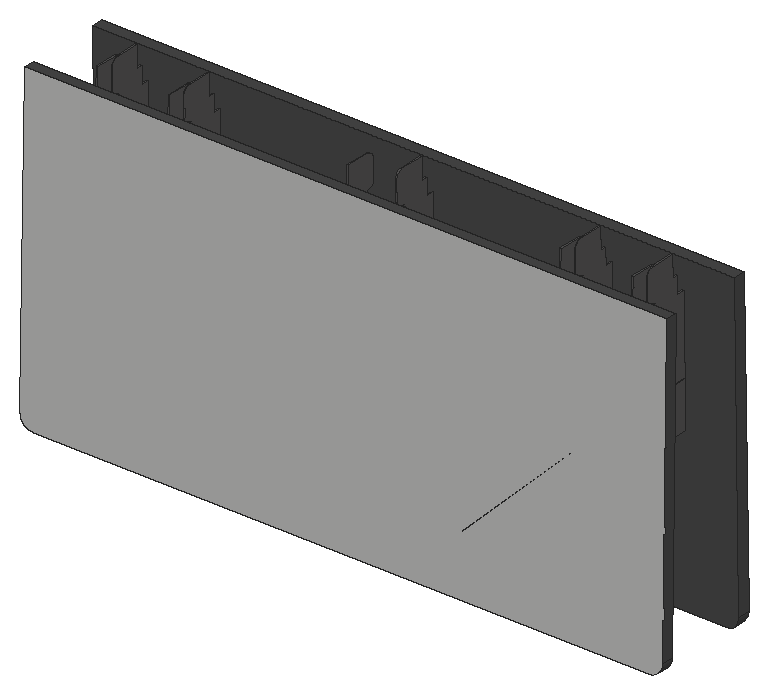
Revit family "22M 48 Square", category Furniture, Revit 2016
Family settings
  OmniClass Number = 23.40.20.00
  OmniClass Title = General Furniture and Specialties
  Work Plane-Based = No
  Always vertical = Yes
  Cut with Voids When Loaded = No
  Shared = No
  Room Calculation Point = No
Parameters
  Top [instance] = Palmer Hamilton Lt Gry
  Open [instance] = no
  Model = "22M132948RD"
  Height [instance] = 2' - 5"
  Frame [instance] = Palmer Hamilton Black
  Edge [instance] = Palmer Hamilton - Edge
  Closed [instance] = yes
Reference planes (in)
  plane 1 "Center Front/Back": y = 0
  plane 2: z = 0
  plane 3 "Center Left/Right": x = 0
  plane 4: z = 29
  plane 5: z = 28.1875
Forms (in)
  Extrusion 1, solid, material "Palmer Hamilton Black" <- "Frame", visible <- "Open"
    sketch origin (0, 0, 0) x (1, 0, 0) y (0, 1, 0)
      loop
        line (-20.0625, -5) -> (-20.0625, -8.28854) -> (-8.35104, -20) -> (8.35104, -20) -> (20.0625, -8.28854) -> (20.0625, -5) -> (19.5625, -5) -> (19.5625, -8.08144) -> (8.14394, -19.5) -> (-8.14394, -19.5) -> (-19.5625, -8.08144) -> (-19.5625, -5) -> (-20.0625, -5)
    from 26.04911 to 28.1875
  Extrusion 2, solid, material "Palmer Hamilton Black" <- "Frame", visible <- "Closed"
    sketch origin (0, 23.46852, 37.6661) x (1, 0, 0) y (0, 0.017452, 0.999848)
      loop
        line (-20.0625, -5.00072) -> (-20.0625, -8.28854) -> (-8.35104, -20) -> (8.35104, -20) -> (20.0625, -8.28854) -> (20.0625, -5) -> (19.5625, -5) -> (19.5625, -8.08144) -> (8.14394, -19.5) -> (-8.14394, -19.5) -> (-19.5625, -8.08144) -> (-19.5625, -5.00072) -> (-20.0625, -5.00072)
    from 24.04911 to 26.1875
  Extrusion 3, solid, material "Palmer Hamilton Black" <- "Frame", visible <- "Open"
    sketch origin (0, 0, 0) x (-1, 0, 0) y (0, -1, 0)
      loop
        line (-20.0625, -5) -> (-20.0625, -8.28854) -> (-8.35104, -20) -> (8.35104, -20) -> (20.0625, -8.28854) -> (20.0625, -5) -> (19.5625, -5) -> (19.5625, -8.08144) -> (8.14394, -19.5) -> (-8.14394, -19.5) -> (-19.5625, -8.08144) -> (-19.5625, -5) -> (-20.0625, -5)
    from 26.04911 to 28.1875
  Extrusion 4, solid, material "Palmer Hamilton Black" <- "Frame", visible <- "Closed"
    sketch origin (0, -23.46852, 37.6661) x (-1, 0, 0) y (0, -0.017452, 0.999848)
      loop
        line (-20.0625, -5.00072) -> (-20.0625, -8.28854) -> (-8.35104, -20) -> (8.35104, -20) -> (20.0625, -8.28854) -> (20.0625, -5) -> (19.5625, -5) -> (19.5625, -8.08144) -> (8.14394, -19.5) -> (-8.14394, -19.5) -> (-19.5625, -8.08144) -> (-19.5625, -5.00072) -> (-20.0625, -5.00072)
    from 24.04911 to 26.1875
  Extrusion 5, solid, visible <- "Open"
    sketch origin (0, 0, 0) x (1, 0, 0) y (0, 1, 0)
      loop
        arc (-24, -23) -> (-23.70711, -23.70711) -> (-23, -24) r 1
        line (-23, -24) -> (23, -24)
        arc (23, -24) -> (23.70711, -23.70711) -> (24, -23) r 1
        line (24, -23) -> (24, -0.0625) -> (-24, -0.0625) -> (-24, -23)
    from 28.1875 to 29
  Extrusion 6, solid, visible <- "Closed"
    sketch origin (0, 25.39404, 37.63143) x (1, 0, 0) y (0, 0.017452, 0.999848)
      loop
        arc (-24, -23) -> (-23.70711, -23.70711) -> (-23, -24) r 1
        line (-23, -24) -> (23, -24)
        arc (23, -24) -> (23.70711, -23.70711) -> (24, -23) r 1
        line (24, -23) -> (24, -0.0625) -> (-24, -0.0625) -> (-24, -23)
    from 28.14823 to 29
  Extrusion 7, solid, visible <- "Open"
    sketch origin (0, 0, 0) x (-1, 0, 0) y (0, -1, 0)
      loop
        arc (-24, -23) -> (-23.70711, -23.70711) -> (-23, -24) r 1
        line (-23, -24) -> (23, -24)
        arc (23, -24) -> (23.70711, -23.70711) -> (24, -23) r 1
        line (24, -23) -> (24, -0.0625) -> (-24, -0.0625) -> (-24, -23)
    from 28.1875 to 29
  Extrusion 8, solid, visible <- "Closed"
    sketch origin (0, -25.39404, 37.63143) x (-1, 0, 0) y (0, -0.017452, 0.999848)
      loop
        arc (-24, -23) -> (-23.70711, -23.70711) -> (-23, -24) r 1
        line (-23, -24) -> (23, -24)
        arc (23, -24) -> (23.70711, -23.70711) -> (24, -23) r 1
        line (24, -23) -> (24, -0.0625) -> (-24, -0.0625) -> (-24, -23)
    from 28.14823 to 29
  Extrusion 9, solid, material "Palmer Hamilton Black" <- "Frame", visible <- "Open"
    sketch origin (0, 0, 5) x (0, 1, 0) y (0, 0, 1)
      loop
        line (0.5625, 20.44279) -> (0.5625, 22.17483) -> (-1.05432, 22.17483) -> (-1.05432, 22.61495) -> (-2.319, 22.61495) -> (-2.319, 23.1875) -> (-11.819, 23.1875) -> (-11.819, 21.04911) -> (-4.819, 21.04911) -> (-4.12777, 20.56511) -> (-2.19922, 20.56511)
        arc (-2.19922, 20.56511) -> (-1.96819, 20.47396) -> (-1.80353, 20.28804) r 0.53311
        line (-1.80353, 20.28804) -> (-1.74766, 20.07952)
        arc (-1.74766, 20.07952) -> (-1.6893, 19.93864) -> (-1.54842, 19.88029) r 0.19923
        line (-1.54842, 19.88029) -> (0, 19.88029)
        arc (0, 19.88029) -> (0.39775, 20.04504) -> (0.5625, 20.44279) r 0.5625
    from -14.745 to -14.6404
  Extrusion 10, solid, material "Palmer Hamilton Black" <- "Frame", visible <- "Open"
    sketch origin (0, 0, 5) x (0, 1, 0) y (0, 0, 1)
      loop
        line (0.5625, 20.44279) -> (0.5625, 22.17483) -> (-1.05432, 22.17483) -> (-1.05432, 22.61495) -> (-2.319, 22.61495) -> (-2.319, 23.1875) -> (-7.7526, 23.1875) -> (-7.7526, 21.04911) -> (-4.819, 21.04911) -> (-4.12777, 20.56511) -> (-2.19922, 20.56511)
        arc (-2.19922, 20.56511) -> (-1.96819, 20.47396) -> (-1.80353, 20.28804) r 0.53311
        line (-1.80353, 20.28804) -> (-1.74766, 20.07952)
        arc (-1.74766, 20.07952) -> (-1.6893, 19.93864) -> (-1.54842, 19.88029) r 0.19923
        line (-1.54842, 19.88029) -> (0, 19.88029)
        arc (0, 19.88029) -> (0.39775, 20.04504) -> (0.5625, 20.44279) r 0.5625
    from -20.12 to -20
  Extrusion 11, solid, material "Palmer Hamilton Black" <- "Frame", visible <- "Open"
    sketch origin (0, 0, 5) x (0, 1, 0) y (0, 0, 1)
      loop
        line (0.5625, 20.44279) -> (0.5625, 22.17483) -> (-1.05432, 22.17483) -> (-1.05432, 22.61495) -> (-2.319, 22.61495) -> (-2.319, 23.1875) -> (-11.819, 23.1875) -> (-11.819, 21.04911) -> (-4.819, 21.04911) -> (-4.12777, 20.56511) -> (-2.19922, 20.56511)
        arc (-2.19922, 20.56511) -> (-1.96819, 20.47396) -> (-1.80353, 20.28804) r 0.53311
        line (-1.80353, 20.28804) -> (-1.74766, 20.07952)
        arc (-1.74766, 20.07952) -> (-1.6893, 19.93864) -> (-1.54842, 19.88029) r 0.19923
        line (-1.54842, 19.88029) -> (0, 19.88029)
        arc (0, 19.88029) -> (0.39775, 20.04504) -> (0.5625, 20.44279) r 0.5625
    from 14.5204 to 14.625
  Extrusion 12, solid, material "Palmer Hamilton Black" <- "Frame", visible <- "Open"
    sketch origin (0, 0, 5) x (0, 1, 0) y (0, 0, 1)
      loop
        line (0.5625, 20.44279) -> (0.5625, 22.17483) -> (-1.05432, 22.17483) -> (-1.05432, 22.61495) -> (-2.319, 22.61495) -> (-2.319, 23.1875) -> (-7.7526, 23.1875) -> (-7.7526, 21.04911) -> (-4.819, 21.04911) -> (-4.12777, 20.56511) -> (-2.19922, 20.56511)
        arc (-2.19922, 20.56511) -> (-1.96819, 20.47396) -> (-1.80353, 20.28804) r 0.53311
        line (-1.80353, 20.28804) -> (-1.74766, 20.07952)
        arc (-1.74766, 20.07952) -> (-1.6893, 19.93864) -> (-1.54842, 19.88029) r 0.19923
        line (-1.54842, 19.88029) -> (0, 19.88029)
        arc (0, 19.88029) -> (0.39775, 20.04504) -> (0.5625, 20.44279) r 0.5625
    from 19.8804 to 20
  Extrusion 13, solid, material "Palmer Hamilton Black" <- "Frame", visible <- "Closed"
    sketch origin (0, 23.43372, 40.67249) x (0, 0.017452, 0.999848) y (0, -0.999848, 0.017452)
      loop
        line (-2.43704, 23.39043) -> (-2.43704, 25.12248) -> (-4.05386, 25.12248) -> (-4.05386, 25.5626) -> (-5.31854, 25.5626) -> (-5.31854, 26.13514) -> (-14.81854, 26.13514) -> (-14.81854, 23.99675) -> (-7.81854, 23.99675) -> (-7.12731, 23.51275) -> (-5.19876, 23.51275)
        arc (-5.19876, 23.51275) -> (-4.96774, 23.4216) -> (-4.80307, 23.23569) r 0.53311
        line (-4.80307, 23.23569) -> (-4.7472, 23.02716)
        arc (-4.7472, 23.02716) -> (-4.68885, 22.88628) -> (-4.54797, 22.82793) r 0.19923
        line (-4.54797, 22.82793) -> (-2.99954, 22.82793)
        arc (-2.99954, 22.82793) -> (-2.6018, 22.99268) -> (-2.43704, 23.39043) r 0.5625
    from -14.745 to -14.6404
  Extrusion 14, solid, material "Palmer Hamilton Black" <- "Frame", visible <- "Closed"
    sketch origin (0, 23.43372, 40.67249) x (0, 0.017452, 0.999848) y (0, -0.999848, 0.017452)
      loop
        line (-2.43704, 23.39043) -> (-2.43704, 25.12248) -> (-4.05386, 25.12248) -> (-4.05386, 25.5626) -> (-5.31854, 25.5626) -> (-5.31854, 26.13514) -> (-14.81854, 26.13514) -> (-14.81854, 23.99675) -> (-7.81854, 23.99675) -> (-7.12731, 23.51275) -> (-5.19876, 23.51275)
        arc (-5.19876, 23.51275) -> (-4.96774, 23.4216) -> (-4.80307, 23.23569) r 0.53311
        line (-4.80307, 23.23569) -> (-4.7472, 23.02716)
        arc (-4.7472, 23.02716) -> (-4.68885, 22.88628) -> (-4.54797, 22.82793) r 0.19923
        line (-4.54797, 22.82793) -> (-2.99954, 22.82793)
        arc (-2.99954, 22.82793) -> (-2.6018, 22.99268) -> (-2.43704, 23.39043) r 0.5625
    from -20.12 to -20
  Extrusion 15, solid, material "Palmer Hamilton Black" <- "Frame", visible <- "Closed"
    sketch origin (0, 23.43372, 40.67249) x (0, 0.017452, 0.999848) y (0, -0.999848, 0.017452)
      loop
        line (-2.43704, 23.39043) -> (-2.43704, 25.12248) -> (-4.05386, 25.12248) -> (-4.05386, 25.5626) -> (-5.31854, 25.5626) -> (-5.31854, 26.13514) -> (-14.81854, 26.13514) -> (-14.81854, 23.99675) -> (-7.81854, 23.99675) -> (-7.12731, 23.51275) -> (-5.19876, 23.51275)
        arc (-5.19876, 23.51275) -> (-4.96774, 23.4216) -> (-4.80307, 23.23569) r 0.53311
        line (-4.80307, 23.23569) -> (-4.7472, 23.02716)
        arc (-4.7472, 23.02716) -> (-4.68885, 22.88628) -> (-4.54797, 22.82793) r 0.19923
        line (-4.54797, 22.82793) -> (-2.99954, 22.82793)
        arc (-2.99954, 22.82793) -> (-2.6018, 22.99268) -> (-2.43704, 23.39043) r 0.5625
    from 14.5204 to 14.625
  Extrusion 16, solid, material "Palmer Hamilton Black" <- "Frame", visible <- "Closed"
    sketch origin (0, 23.43372, 40.67249) x (0, 0.017452, 0.999848) y (0, -0.999848, 0.017452)
      loop
        line (-2.43704, 23.39043) -> (-2.43704, 25.12248) -> (-4.05386, 25.12248) -> (-4.05386, 25.5626) -> (-5.31854, 25.5626) -> (-5.31854, 26.13514) -> (-14.81854, 26.13514) -> (-14.81854, 23.99675) -> (-7.81854, 23.99675) -> (-7.12731, 23.51275) -> (-5.19876, 23.51275)
        arc (-5.19876, 23.51275) -> (-4.96774, 23.4216) -> (-4.80307, 23.23569) r 0.53311
        line (-4.80307, 23.23569) -> (-4.7472, 23.02716)
        arc (-4.7472, 23.02716) -> (-4.68885, 22.88628) -> (-4.54797, 22.82793) r 0.19923
        line (-4.54797, 22.82793) -> (-2.99954, 22.82793)
        arc (-2.99954, 22.82793) -> (-2.6018, 22.99268) -> (-2.43704, 23.39043) r 0.5625
    from 19.8804 to 20
  Extrusion 17, solid, material "Palmer Hamilton Black" <- "Frame", visible <- "Closed"
    sketch origin (0, 23.43372, 40.67249) x (0, 0.017452, 0.999848) y (0, -0.999848, 0.017452)
      loop
        line (-2.43704, 23.39043) -> (-2.43704, 25.12248) -> (-4.05386, 25.12248) -> (-4.05386, 25.5626) -> (-5.31854, 25.5626) -> (-5.31854, 26.13514) -> (-14.81854, 26.13514) -> (-14.81854, 23.99675) -> (-7.81854, 23.99675) -> (-7.12731, 23.51275) -> (-5.19876, 23.51275)
        arc (-5.19876, 23.51275) -> (-4.96774, 23.4216) -> (-4.80307, 23.23569) r 0.53311
        line (-4.80307, 23.23569) -> (-4.7472, 23.02716)
        arc (-4.7472, 23.02716) -> (-4.68885, 22.88628) -> (-4.54797, 22.82793) r 0.19923
        line (-4.54797, 22.82793) -> (-2.99954, 22.82793)
        arc (-2.99954, 22.82793) -> (-2.6018, 22.99268) -> (-2.43704, 23.39043) r 0.5625
    from -1.40625 to -1.28125
  Extrusion 18, solid, material "Palmer Hamilton Black" <- "Frame", visible <- "Open"
    sketch origin (0, 0, 5) x (0, 1, 0) y (0, 0, 1)
      loop
        line (0.5625, 20.44279) -> (0.5625, 22.17483) -> (-1.05432, 22.17483) -> (-1.05432, 22.61495) -> (-2.319, 22.61495) -> (-2.319, 23.1875) -> (-11.819, 23.1875) -> (-11.819, 21.04911) -> (-4.819, 21.04911) -> (-4.12777, 20.56511) -> (-2.19922, 20.56511)
        arc (-2.19922, 20.56511) -> (-1.96819, 20.47396) -> (-1.80353, 20.28804) r 0.53311
        line (-1.80353, 20.28804) -> (-1.74766, 20.07952)
        arc (-1.74766, 20.07952) -> (-1.6893, 19.93864) -> (-1.54842, 19.88029) r 0.19923
        line (-1.54842, 19.88029) -> (0, 19.88029)
        arc (0, 19.88029) -> (0.39775, 20.04504) -> (0.5625, 20.44279) r 0.5625
    from -1.40625 to -1.28125
  Extrusion 19, solid, material "Palmer Hamilton Black" <- "Frame", visible <- "Open"
    sketch origin (0, 0, 5) x (0, -1, 0) y (0, 0, 1)
      loop
        line (0.5625, 20.44279) -> (0.5625, 22.17483) -> (-1.05432, 22.17483) -> (-1.05432, 22.61495) -> (-2.319, 22.61495) -> (-2.319, 23.1875) -> (-11.819, 23.1875) -> (-11.819, 21.04911) -> (-4.819, 21.04911) -> (-4.12777, 20.56511) -> (-2.19922, 20.56511)
        arc (-2.19922, 20.56511) -> (-1.96819, 20.47396) -> (-1.80353, 20.28804) r 0.53311
        line (-1.80353, 20.28804) -> (-1.74766, 20.07952)
        arc (-1.74766, 20.07952) -> (-1.6893, 19.93864) -> (-1.54842, 19.88029) r 0.19923
        line (-1.54842, 19.88029) -> (0, 19.88029)
        arc (0, 19.88029) -> (0.39775, 20.04504) -> (0.5625, 20.44279) r 0.5625
    from -14.745 to -14.6404
  Extrusion 20, solid, material "Palmer Hamilton Black" <- "Frame", visible <- "Open"
    sketch origin (0, 0, 5) x (0, -1, 0) y (0, 0, 1)
      loop
        line (0.5625, 20.44279) -> (0.5625, 22.17483) -> (-1.05432, 22.17483) -> (-1.05432, 22.61495) -> (-2.319, 22.61495) -> (-2.319, 23.1875) -> (-8.3094, 23.1875) -> (-8.3094, 21.04911) -> (-4.819, 21.04911) -> (-4.12777, 20.56511) -> (-2.19922, 20.56511)
        arc (-2.19922, 20.56511) -> (-1.96819, 20.47396) -> (-1.80353, 20.28804) r 0.53311
        line (-1.80353, 20.28804) -> (-1.74766, 20.07952)
        arc (-1.74766, 20.07952) -> (-1.6893, 19.93864) -> (-1.54842, 19.88029) r 0.19923
        line (-1.54842, 19.88029) -> (0, 19.88029)
        arc (0, 19.88029) -> (0.39775, 20.04504) -> (0.5625, 20.44279) r 0.5625
    from -20.12 to -20
  Extrusion 21, solid, material "Palmer Hamilton Black" <- "Frame", visible <- "Open"
    sketch origin (0, 0, 5) x (0, -1, 0) y (0, 0, 1)
      loop
        line (0.5625, 20.44279) -> (0.5625, 22.17483) -> (-1.05432, 22.17483) -> (-1.05432, 22.61495) -> (-2.319, 22.61495) -> (-2.319, 23.1875) -> (-11.819, 23.1875) -> (-11.819, 21.04911) -> (-4.819, 21.04911) -> (-4.12777, 20.56511) -> (-2.19922, 20.56511)
        arc (-2.19922, 20.56511) -> (-1.96819, 20.47396) -> (-1.80353, 20.28804) r 0.53311
        line (-1.80353, 20.28804) -> (-1.74766, 20.07952)
        arc (-1.74766, 20.07952) -> (-1.6893, 19.93864) -> (-1.54842, 19.88029) r 0.19923
        line (-1.54842, 19.88029) -> (0, 19.88029)
        arc (0, 19.88029) -> (0.39775, 20.04504) -> (0.5625, 20.44279) r 0.5625
    from 14.5204 to 14.625
  Extrusion 22, solid, material "Palmer Hamilton Black" <- "Frame", visible <- "Open"
    sketch origin (0, 0, 5) x (0, -1, 0) y (0, 0, 1)
      loop
        line (0.5625, 20.44279) -> (0.5625, 22.17483) -> (-1.05432, 22.17483) -> (-1.05432, 22.61495) -> (-2.319, 22.61495) -> (-2.319, 23.1875) -> (-8.3094, 23.1875) -> (-8.3094, 21.04911) -> (-4.819, 21.04911) -> (-4.12777, 20.56511) -> (-2.19922, 20.56511)
        arc (-2.19922, 20.56511) -> (-1.96819, 20.47396) -> (-1.80353, 20.28804) r 0.53311
        line (-1.80353, 20.28804) -> (-1.74766, 20.07952)
        arc (-1.74766, 20.07952) -> (-1.6893, 19.93864) -> (-1.54842, 19.88029) r 0.19923
        line (-1.54842, 19.88029) -> (0, 19.88029)
        arc (0, 19.88029) -> (0.39775, 20.04504) -> (0.5625, 20.44279) r 0.5625
    from 19.8804 to 20
  Extrusion 23, solid, material "Palmer Hamilton Black" <- "Frame", visible <- "Closed"
    sketch origin (0, -23.43372, 40.67249) x (0, -0.017452, 0.999848) y (0, 0.999848, 0.017452)
      loop
        line (-2.43704, 23.39043) -> (-2.43704, 25.12248) -> (-4.05386, 25.12248) -> (-4.05386, 25.5626) -> (-5.31854, 25.5626) -> (-5.31854, 26.13514) -> (-14.81854, 26.13514) -> (-14.81854, 23.99675) -> (-7.81854, 23.99675) -> (-7.12731, 23.51275) -> (-5.19876, 23.51275)
        arc (-5.19876, 23.51275) -> (-4.96774, 23.4216) -> (-4.80307, 23.23569) r 0.53311
        line (-4.80307, 23.23569) -> (-4.7472, 23.02716)
        arc (-4.7472, 23.02716) -> (-4.68885, 22.88628) -> (-4.54797, 22.82793) r 0.19923
        line (-4.54797, 22.82793) -> (-2.99954, 22.82793)
        arc (-2.99954, 22.82793) -> (-2.6018, 22.99268) -> (-2.43704, 23.39043) r 0.5625
    from -14.745 to -14.6404
  Extrusion 24, solid, material "Palmer Hamilton Black" <- "Frame", visible <- "Closed"
    sketch origin (0, -23.43372, 40.67249) x (0, -0.017452, 0.999848) y (0, 0.999848, 0.017452)
      loop
        line (-2.43704, 23.39043) -> (-2.43704, 25.12248) -> (-4.05386, 25.12248) -> (-4.05386, 25.5626) -> (-5.31854, 25.5626) -> (-5.31854, 26.13514) -> (-14.81854, 26.13514) -> (-14.81854, 23.99675) -> (-7.81854, 23.99675) -> (-7.12731, 23.51275) -> (-5.19876, 23.51275)
        arc (-5.19876, 23.51275) -> (-4.96774, 23.4216) -> (-4.80307, 23.23569) r 0.53311
        line (-4.80307, 23.23569) -> (-4.7472, 23.02716)
        arc (-4.7472, 23.02716) -> (-4.68885, 22.88628) -> (-4.54797, 22.82793) r 0.19923
        line (-4.54797, 22.82793) -> (-2.99954, 22.82793)
        arc (-2.99954, 22.82793) -> (-2.6018, 22.99268) -> (-2.43704, 23.39043) r 0.5625
    from -20.12 to -20
  Extrusion 25, solid, material "Palmer Hamilton Black" <- "Frame", visible <- "Closed"
    sketch origin (0, -23.43372, 40.67249) x (0, -0.017452, 0.999848) y (0, 0.999848, 0.017452)
      loop
        line (-2.43704, 23.39043) -> (-2.43704, 25.12248) -> (-4.05386, 25.12248) -> (-4.05386, 25.5626) -> (-5.31854, 25.5626) -> (-5.31854, 26.13514) -> (-14.81854, 26.13514) -> (-14.81854, 23.99675) -> (-7.81854, 23.99675) -> (-7.12731, 23.51275) -> (-5.19876, 23.51275)
        arc (-5.19876, 23.51275) -> (-4.96774, 23.4216) -> (-4.80307, 23.23569) r 0.53311
        line (-4.80307, 23.23569) -> (-4.7472, 23.02716)
        arc (-4.7472, 23.02716) -> (-4.68885, 22.88628) -> (-4.54797, 22.82793) r 0.19923
        line (-4.54797, 22.82793) -> (-2.99954, 22.82793)
        arc (-2.99954, 22.82793) -> (-2.6018, 22.99268) -> (-2.43704, 23.39043) r 0.5625
    from 14.5204 to 14.625
  Extrusion 26, solid, material "Palmer Hamilton Black" <- "Frame", visible <- "Closed"
    sketch origin (0, -23.43372, 40.67249) x (0, -0.017452, 0.999848) y (0, 0.999848, 0.017452)
      loop
        line (-2.43704, 23.39043) -> (-2.43704, 25.12248) -> (-4.05386, 25.12248) -> (-4.05386, 25.5626) -> (-5.31854, 25.5626) -> (-5.31854, 26.13514) -> (-14.81854, 26.13514) -> (-14.81854, 23.99675) -> (-7.81854, 23.99675) -> (-7.12731, 23.51275) -> (-5.19876, 23.51275)
        arc (-5.19876, 23.51275) -> (-4.96774, 23.4216) -> (-4.80307, 23.23569) r 0.53311
        line (-4.80307, 23.23569) -> (-4.7472, 23.02716)
        arc (-4.7472, 23.02716) -> (-4.68885, 22.88628) -> (-4.54797, 22.82793) r 0.19923
        line (-4.54797, 22.82793) -> (-2.99954, 22.82793)
        arc (-2.99954, 22.82793) -> (-2.6018, 22.99268) -> (-2.43704, 23.39043) r 0.5625
    from 19.8804 to 20
  Extrusion 27, solid, material "Palmer Hamilton Black" <- "Frame", visible <- "Closed"
    sketch origin (0, -23.43372, 40.67249) x (0, -0.017452, 0.999848) y (0, 0.999848, 0.017452)
      loop
        line (-2.43704, 23.39043) -> (-2.43704, 25.12248) -> (-4.05386, 25.12248) -> (-4.05386, 25.5626) -> (-5.31854, 25.5626) -> (-5.31854, 26.13514) -> (-14.81854, 26.13514) -> (-14.81854, 23.99675) -> (-7.81854, 23.99675) -> (-7.12731, 23.51275) -> (-5.19876, 23.51275)
        arc (-5.19876, 23.51275) -> (-4.96774, 23.4216) -> (-4.80307, 23.23569) r 0.53311
        line (-4.80307, 23.23569) -> (-4.7472, 23.02716)
        arc (-4.7472, 23.02716) -> (-4.68885, 22.88628) -> (-4.54797, 22.82793) r 0.19923
        line (-4.54797, 22.82793) -> (-2.99954, 22.82793)
        arc (-2.99954, 22.82793) -> (-2.6018, 22.99268) -> (-2.43704, 23.39043) r 0.5625
    from -1.40625 to -1.28125
  Extrusion 28, solid, material "Palmer Hamilton Black" <- "Frame", visible <- "Open"
    sketch origin (0, 0, 5) x (0, -1, 0) y (0, 0, 1)
      loop
        line (0.5625, 20.44279) -> (0.5625, 22.17483) -> (-1.05432, 22.17483) -> (-1.05432, 22.61495) -> (-2.319, 22.61495) -> (-2.319, 23.1875) -> (-11.819, 23.1875) -> (-11.819, 21.04911) -> (-4.819, 21.04911) -> (-4.12777, 20.56511) -> (-2.19922, 20.56511)
        arc (-2.19922, 20.56511) -> (-1.96819, 20.47396) -> (-1.80353, 20.28804) r 0.53311
        line (-1.80353, 20.28804) -> (-1.74766, 20.07952)
        arc (-1.74766, 20.07952) -> (-1.6893, 19.93864) -> (-1.54842, 19.88029) r 0.19923
        line (-1.54842, 19.88029) -> (0, 19.88029)
        arc (0, 19.88029) -> (0.39775, 20.04504) -> (0.5625, 20.44279) r 0.5625
    from -1.40625 to -1.28125
Lines and regions (in)
  reference lines
    curve 1: line (0, -0.5625, 25.44279) -> (0, 0.5625, 25.44279)
Dimensions and locks (in)
  locked: plane 4 to plane 5 at 0.8125
  "Height": plane 4 to level
  locked: Extrusion 1 to plane 5 at 2.13839
  equal spacing: Extrusion 5 sketch curve, plane 3 "Center Left/Right", Extrusion 5 sketch curve
  Extrusion 6 sketch curve to Extrusion 6 sketch curve = 4' - 0"
  Extrusion 7 sketch curve to Extrusion 7 sketch curve = 4' - 0"
  Extrusion 8 sketch curve to Extrusion 8 sketch curve = 4' - 0"
  aligned and locked: level to plane 2
  aligned and locked: Extrusion 1 to plane 5
  aligned and locked: plane 4 to Extrusion 5
  aligned and locked: plane 5 to Extrusion 5
  aligned and locked: plane 5 to Extrusion 7
  aligned and locked: plane 4 to Extrusion 7
  aligned and locked: Extrusion 3 to plane 5
  aligned and locked: Extrusion 3 to Extrusion 1
Automatic sketch dimensions
  plane 1 "Center Front/Back" to Extrusion 1 sketch curve = 0' - 8.28854"
  Extrusion 1 sketch curve to plane 3 "Center Left/Right" = 1' - 8 1/16"
  plane 1 "Center Front/Back" to Extrusion 1 sketch curve = 0' - 8.08144"
  Extrusion 1 sketch curve to Extrusion 1 sketch curve = 0' - 0 1/2"  (x3)
  Extrusion 1 sketch curve to plane 3 "Center Left/Right" = 0' - 8.35104"
  Extrusion 1 sketch curve to Extrusion 1 sketch curve = 0' - 0.20711"  (x3)
  plane 3 "Center Left/Right" to Extrusion 1 sketch curve = 0' - 8.14394"
  plane 1 "Center Front/Back" to Extrusion 1 sketch curve = 0' - 5"
  Extrusion 1 sketch curve to Extrusion 1 sketch curve = 0' - 11.41856"
  Extrusion 1 sketch curve to Extrusion 1 sketch curve = 1' - 2 1/2"
  Extrusion 1 sketch curve to Extrusion 1 sketch curve = 0' - 3.28854"
  Extrusion 1 sketch curve to Extrusion 1 sketch curve = 0' - 3.08144"
  plane 1 "Center Front/Back" to curve 1 = 0' - 0 9/16"
  plane 5 to curve 1 = 0' - 2.74471"
  curve 1 to plane 1 "Center Front/Back" = 0' - 0 9/16"
  Extrusion 2 sketch curve to Extrusion 2 sketch curve = 0' - 0 1/2"  (x3)
  Extrusion 2 sketch curve to Extrusion 2 sketch curve = 0' - 0.20711"  (x4)
  Extrusion 2 sketch curve to Extrusion 2 sketch curve = 0' - 11.41856"
  Extrusion 2 sketch curve to Extrusion 2 sketch curve = 0' - 11.21146"  (x3)
  Extrusion 2 sketch curve to Extrusion 2 sketch curve = 0' - 3.08072"
  Extrusion 2 sketch curve to Extrusion 2 sketch curve = 0' - 3.08144"
  Extrusion 2 sketch curve to Extrusion 2 sketch curve = 1' - 4.28787"
  Extrusion 2 sketch curve to plane 3 "Center Left/Right" = 1' - 8 1/16"
  Extrusion 3 sketch curve to plane 1 "Center Front/Back" = 0' - 8.28854"
  plane 3 "Center Left/Right" to Extrusion 3 sketch curve = 1' - 8 1/16"
  Extrusion 3 sketch curve to plane 1 "Center Front/Back" = 0' - 8.08144"
  Extrusion 3 sketch curve to Extrusion 3 sketch curve = 0' - 0 1/2"  (x3)
  plane 3 "Center Left/Right" to Extrusion 3 sketch curve = 0' - 8.35104"
  Extrusion 3 sketch curve to Extrusion 3 sketch curve = 0' - 0.20711"  (x3)
  Extrusion 3 sketch curve to plane 3 "Center Left/Right" = 0' - 8.14394"
  Extrusion 3 sketch curve to plane 1 "Center Front/Back" = 0' - 5"
  Extrusion 3 sketch curve to Extrusion 3 sketch curve = 0' - 11.41856"
  Extrusion 3 sketch curve to Extrusion 3 sketch curve = 1' - 2 1/2"
  Extrusion 3 sketch curve to Extrusion 3 sketch curve = 0' - 3.28854"
  Extrusion 3 sketch curve to Extrusion 3 sketch curve = 0' - 3.08144"
  plane 3 "Center Left/Right" to Extrusion 4 sketch curve = 1' - 8 1/16"
  Extrusion 4 sketch curve to Extrusion 4 sketch curve = 0' - 0 1/2"  (x3)
  plane 3 "Center Left/Right" to Extrusion 4 sketch curve = 0' - 8.35104"
  Extrusion 4 sketch curve to Extrusion 4 sketch curve = 0' - 0.20711"  (x4)
  Extrusion 4 sketch curve to plane 3 "Center Left/Right" = 0' - 8.14394"
  Extrusion 4 sketch curve to Extrusion 4 sketch curve = 0' - 11.41856"
  Extrusion 4 sketch curve to Extrusion 4 sketch curve = 0' - 11.21146"  (x2)
  Extrusion 4 sketch curve to Extrusion 4 sketch curve = 0' - 3.08072"
  Extrusion 4 sketch curve to Extrusion 4 sketch curve = 0' - 3.08144"
  Extrusion 5 sketch curve to plane 3 "Center Left/Right" = 2' - 0"
  Extrusion 5 sketch curve to Extrusion 5 sketch curve = 0' - 1"  (x2)
  plane 1 "Center Front/Back" to Extrusion 5 sketch curve = 2' - 0"
  plane 1 "Center Front/Back" to Extrusion 5 sketch curve = 0' - 0 1/16"
  Extrusion 6 sketch curve to plane 3 "Center Left/Right" = 2' - 0"
  Extrusion 6 sketch curve to Extrusion 6 sketch curve = 0' - 1"  (x2)
  plane 3 "Center Left/Right" to Extrusion 6 sketch curve = 1' - 11"
  Extrusion 6 sketch curve to Extrusion 6 sketch curve = 1' - 10 15/16"
  plane 3 "Center Left/Right" to Extrusion 7 sketch curve = 2' - 0"
  Extrusion 7 sketch curve to Extrusion 7 sketch curve = 0' - 1"  (x2)
  Extrusion 7 sketch curve to plane 3 "Center Left/Right" = 1' - 11"
  Extrusion 7 sketch curve to plane 1 "Center Front/Back" = 2' - 0"
  Extrusion 7 sketch curve to plane 1 "Center Front/Back" = 0' - 0 1/16"
  plane 3 "Center Left/Right" to Extrusion 8 sketch curve = 2' - 0"
  Extrusion 8 sketch curve to Extrusion 8 sketch curve = 0' - 1"  (x2)
  Extrusion 8 sketch curve to plane 3 "Center Left/Right" = 1' - 11"
  Extrusion 8 sketch curve to Extrusion 8 sketch curve = 1' - 10 15/16"
  Extrusion 9 sketch curve to plane 1 "Center Front/Back" = 0' - 0"
  plane 1 "Center Front/Back" to Extrusion 9 sketch curve = 0' - 1.05432"
  plane 1 "Center Front/Back" to Extrusion 9 sketch curve = 0' - 1.54842"
  Extrusion 9 sketch curve to Extrusion 9 sketch curve = 0' - 0 51/256"
  Extrusion 9 sketch curve to Extrusion 9 sketch curve = 0' - 0.05587"
  Extrusion 9 sketch curve to Extrusion 9 sketch curve = 0' - 0.39569"
  Extrusion 9 sketch curve to Extrusion 9 sketch curve = 0' - 0.52631"
  Extrusion 9 sketch curve to Extrusion 9 sketch curve = 0' - 1.26468"
  Extrusion 9 sketch curve to Extrusion 9 sketch curve = 0' - 1.8538"
  Extrusion 9 sketch curve to Extrusion 9 sketch curve = 0' - 0.69123"
  Extrusion 9 sketch curve to Extrusion 9 sketch curve = 0' - 7"
  Extrusion 9 sketch curve to plane 1 "Center Front/Back" = 0' - 0 9/16"
  plane 5 to Extrusion 9 sketch curve = 0' - 3.30721"
  Extrusion 9 sketch curve to Extrusion 9 sketch curve = 0' - 0.04225"
  Extrusion 9 sketch curve to Extrusion 9 sketch curve = 0' - 0.20852"
  Extrusion 9 sketch curve to Extrusion 9 sketch curve = 0' - 0.484"
  Extrusion 9 sketch curve to Extrusion 9 sketch curve = 0' - 1.73205"
  Extrusion 9 sketch curve to Extrusion 9 sketch curve = 0' - 0.44012"
  Extrusion 9 sketch curve to Extrusion 9 sketch curve = 0' - 0.57255"
  Extrusion 10 sketch curve to plane 1 "Center Front/Back" = 0' - 0"
  plane 1 "Center Front/Back" to Extrusion 10 sketch curve = 0' - 1.05432"
  plane 1 "Center Front/Back" to Extrusion 10 sketch curve = 0' - 1.54842"
  Extrusion 10 sketch curve to Extrusion 10 sketch curve = 0' - 0 51/256"
  Extrusion 10 sketch curve to Extrusion 10 sketch curve = 0' - 0.05587"
  Extrusion 10 sketch curve to Extrusion 10 sketch curve = 0' - 0.39569"
  Extrusion 10 sketch curve to Extrusion 10 sketch curve = 0' - 0.52631"
  Extrusion 10 sketch curve to Extrusion 10 sketch curve = 0' - 1.26468"
  Extrusion 10 sketch curve to Extrusion 10 sketch curve = 0' - 1.8538"
  Extrusion 10 sketch curve to Extrusion 10 sketch curve = 0' - 0.69123"
  Extrusion 10 sketch curve to Extrusion 10 sketch curve = 0' - 2 239/256"
  Extrusion 10 sketch curve to plane 1 "Center Front/Back" = 0' - 0 9/16"
  plane 5 to Extrusion 10 sketch curve = 0' - 3.30721"
  Extrusion 10 sketch curve to Extrusion 10 sketch curve = 0' - 0.04225"
  Extrusion 10 sketch curve to Extrusion 10 sketch curve = 0' - 0.20852"
  Extrusion 10 sketch curve to Extrusion 10 sketch curve = 0' - 0.484"
  Extrusion 10 sketch curve to Extrusion 10 sketch curve = 0' - 1.73205"
  Extrusion 10 sketch curve to Extrusion 10 sketch curve = 0' - 0.44012"
  Extrusion 10 sketch curve to Extrusion 10 sketch curve = 0' - 0.57255"
  Extrusion 11 sketch curve to plane 1 "Center Front/Back" = 0' - 0"
  plane 1 "Center Front/Back" to Extrusion 11 sketch curve = 0' - 1.05432"
  plane 1 "Center Front/Back" to Extrusion 11 sketch curve = 0' - 1.54842"
  Extrusion 11 sketch curve to Extrusion 11 sketch curve = 0' - 0 51/256"
  Extrusion 11 sketch curve to Extrusion 11 sketch curve = 0' - 0.05587"
  Extrusion 11 sketch curve to Extrusion 11 sketch curve = 0' - 0.39569"
  Extrusion 11 sketch curve to Extrusion 11 sketch curve = 0' - 0.52631"
  Extrusion 11 sketch curve to Extrusion 11 sketch curve = 0' - 1.26468"
  Extrusion 11 sketch curve to Extrusion 11 sketch curve = 0' - 1.8538"
  Extrusion 11 sketch curve to Extrusion 11 sketch curve = 0' - 0.69123"
  Extrusion 11 sketch curve to Extrusion 11 sketch curve = 0' - 7"
  Extrusion 11 sketch curve to plane 1 "Center Front/Back" = 0' - 0 9/16"
  plane 5 to Extrusion 11 sketch curve = 0' - 3.30721"
  Extrusion 11 sketch curve to Extrusion 11 sketch curve = 0' - 0.04225"
  Extrusion 11 sketch curve to Extrusion 11 sketch curve = 0' - 0.20852"
  Extrusion 11 sketch curve to Extrusion 11 sketch curve = 0' - 0.484"
  Extrusion 11 sketch curve to Extrusion 11 sketch curve = 0' - 1.73205"
  Extrusion 11 sketch curve to Extrusion 11 sketch curve = 0' - 0.44012"
  Extrusion 11 sketch curve to Extrusion 11 sketch curve = 0' - 0.57255"
  Extrusion 12 sketch curve to plane 1 "Center Front/Back" = 0' - 0"
  plane 1 "Center Front/Back" to Extrusion 12 sketch curve = 0' - 1.05432"
  plane 1 "Center Front/Back" to Extrusion 12 sketch curve = 0' - 1.54842"
  Extrusion 12 sketch curve to Extrusion 12 sketch curve = 0' - 0 51/256"
  Extrusion 12 sketch curve to Extrusion 12 sketch curve = 0' - 0.05587"
  Extrusion 12 sketch curve to Extrusion 12 sketch curve = 0' - 0.39569"
  Extrusion 12 sketch curve to Extrusion 12 sketch curve = 0' - 0.52631"
  Extrusion 12 sketch curve to Extrusion 12 sketch curve = 0' - 1.26468"
  Extrusion 12 sketch curve to Extrusion 12 sketch curve = 0' - 1.8538"
  Extrusion 12 sketch curve to Extrusion 12 sketch curve = 0' - 0.69123"
  Extrusion 12 sketch curve to Extrusion 12 sketch curve = 0' - 2 239/256"
  Extrusion 12 sketch curve to plane 1 "Center Front/Back" = 0' - 0 9/16"
  plane 5 to Extrusion 12 sketch curve = 0' - 3.30721"
  Extrusion 12 sketch curve to Extrusion 12 sketch curve = 0' - 0.04225"
  Extrusion 12 sketch curve to Extrusion 12 sketch curve = 0' - 0.20852"
  Extrusion 12 sketch curve to Extrusion 12 sketch curve = 0' - 0.484"
  Extrusion 12 sketch curve to Extrusion 12 sketch curve = 0' - 1.73205"
  Extrusion 12 sketch curve to Extrusion 12 sketch curve = 0' - 0.44012"
  Extrusion 12 sketch curve to Extrusion 12 sketch curve = 0' - 0.57255"
  plane 1 "Center Front/Back" to Extrusion 13 sketch curve = 0' - 0.818"
  plane 5 to Extrusion 13 sketch curve = 0' - 1.9125"
  Extrusion 13 sketch curve to Extrusion 13 sketch curve = 0' - 7"
  Extrusion 13 sketch curve to Extrusion 13 sketch curve = 0' - 0.69123"
  Extrusion 13 sketch curve to Extrusion 13 sketch curve = 0' - 1.80877"
  Extrusion 13 sketch curve to Extrusion 13 sketch curve = 0' - 1.8538"
  Extrusion 13 sketch curve to Extrusion 13 sketch curve = 0' - 0.07475"
  Extrusion 13 sketch curve to Extrusion 13 sketch curve = 0' - 0.39569"
  Extrusion 13 sketch curve to Extrusion 13 sketch curve = 0' - 0.05587"
  Extrusion 13 sketch curve to Extrusion 13 sketch curve = 0' - 0 51/256"
  Extrusion 13 sketch curve to Extrusion 13 sketch curve = 0' - 1.26468"
  Extrusion 13 sketch curve to Extrusion 13 sketch curve = 0' - 1.54842"
  Extrusion 13 sketch curve to Extrusion 13 sketch curve = 0' - 1.61682"
  Extrusion 13 sketch curve to Extrusion 13 sketch curve = 0' - 0.484"
  Extrusion 13 sketch curve to Extrusion 13 sketch curve = 0' - 0.12232"
  Extrusion 13 sketch curve to Extrusion 13 sketch curve = 0' - 0.20852"
  Extrusion 13 sketch curve to Extrusion 13 sketch curve = 0' - 1.73205"
  Extrusion 13 sketch curve to Extrusion 13 sketch curve = 0' - 0.44012"
  Extrusion 13 sketch curve to Extrusion 13 sketch curve = 0' - 0.57255"
  plane 1 "Center Front/Back" to Extrusion 14 sketch curve = 0' - 0.818"
  plane 5 to Extrusion 14 sketch curve = 0' - 1.9125"
  Extrusion 14 sketch curve to Extrusion 14 sketch curve = 0' - 7"
  Extrusion 14 sketch curve to Extrusion 14 sketch curve = 0' - 0.69123"
  Extrusion 14 sketch curve to Extrusion 14 sketch curve = 0' - 1.80877"
  Extrusion 14 sketch curve to Extrusion 14 sketch curve = 0' - 1.8538"
  Extrusion 14 sketch curve to Extrusion 14 sketch curve = 0' - 0.07475"
  Extrusion 14 sketch curve to Extrusion 14 sketch curve = 0' - 0.39569"
  Extrusion 14 sketch curve to Extrusion 14 sketch curve = 0' - 0.05587"
  Extrusion 14 sketch curve to Extrusion 14 sketch curve = 0' - 0 51/256"
  Extrusion 14 sketch curve to Extrusion 14 sketch curve = 0' - 1.26468"
  Extrusion 14 sketch curve to Extrusion 14 sketch curve = 0' - 1.54842"
  Extrusion 14 sketch curve to Extrusion 14 sketch curve = 0' - 1.61682"
  Extrusion 14 sketch curve to Extrusion 14 sketch curve = 0' - 0.484"
  Extrusion 14 sketch curve to Extrusion 14 sketch curve = 0' - 0.12232"
  Extrusion 14 sketch curve to Extrusion 14 sketch curve = 0' - 0.20852"
  Extrusion 14 sketch curve to Extrusion 14 sketch curve = 0' - 1.73205"
  Extrusion 14 sketch curve to Extrusion 14 sketch curve = 0' - 0.44012"
  Extrusion 14 sketch curve to Extrusion 14 sketch curve = 0' - 0.57255"
  plane 1 "Center Front/Back" to Extrusion 15 sketch curve = 0' - 0.818"
  plane 5 to Extrusion 15 sketch curve = 0' - 1.9125"
  Extrusion 15 sketch curve to Extrusion 15 sketch curve = 0' - 7"
  Extrusion 15 sketch curve to Extrusion 15 sketch curve = 0' - 0.69123"
  Extrusion 15 sketch curve to Extrusion 15 sketch curve = 0' - 1.80877"
  Extrusion 15 sketch curve to Extrusion 15 sketch curve = 0' - 1.8538"
  Extrusion 15 sketch curve to Extrusion 15 sketch curve = 0' - 0.07475"
  Extrusion 15 sketch curve to Extrusion 15 sketch curve = 0' - 0.39569"
  Extrusion 15 sketch curve to Extrusion 15 sketch curve = 0' - 0.05587"
  Extrusion 15 sketch curve to Extrusion 15 sketch curve = 0' - 0 51/256"
  Extrusion 15 sketch curve to Extrusion 15 sketch curve = 0' - 1.26468"
  Extrusion 15 sketch curve to Extrusion 15 sketch curve = 0' - 1.54842"
  Extrusion 15 sketch curve to Extrusion 15 sketch curve = 0' - 1.61682"
  Extrusion 15 sketch curve to Extrusion 15 sketch curve = 0' - 0.484"
  Extrusion 15 sketch curve to Extrusion 15 sketch curve = 0' - 0.12232"
  Extrusion 15 sketch curve to Extrusion 15 sketch curve = 0' - 0.20852"
  Extrusion 15 sketch curve to Extrusion 15 sketch curve = 0' - 1.73205"
  Extrusion 15 sketch curve to Extrusion 15 sketch curve = 0' - 0.44012"
  Extrusion 15 sketch curve to Extrusion 15 sketch curve = 0' - 0.57255"
  plane 1 "Center Front/Back" to Extrusion 16 sketch curve = 0' - 0.818"
  plane 5 to Extrusion 16 sketch curve = 0' - 1.9125"
  Extrusion 16 sketch curve to Extrusion 16 sketch curve = 0' - 7"
  Extrusion 16 sketch curve to Extrusion 16 sketch curve = 0' - 0.69123"
  Extrusion 16 sketch curve to Extrusion 16 sketch curve = 0' - 1.80877"
  Extrusion 16 sketch curve to Extrusion 16 sketch curve = 0' - 1.8538"
  Extrusion 16 sketch curve to Extrusion 16 sketch curve = 0' - 0.07475"
  Extrusion 16 sketch curve to Extrusion 16 sketch curve = 0' - 0.39569"
  Extrusion 16 sketch curve to Extrusion 16 sketch curve = 0' - 0.05587"
  Extrusion 16 sketch curve to Extrusion 16 sketch curve = 0' - 0 51/256"
  Extrusion 16 sketch curve to Extrusion 16 sketch curve = 0' - 1.26468"
  Extrusion 16 sketch curve to Extrusion 16 sketch curve = 0' - 1.54842"
  Extrusion 16 sketch curve to Extrusion 16 sketch curve = 0' - 1.61682"
  Extrusion 16 sketch curve to Extrusion 16 sketch curve = 0' - 0.484"
  Extrusion 16 sketch curve to Extrusion 16 sketch curve = 0' - 0.12232"
  Extrusion 16 sketch curve to Extrusion 16 sketch curve = 0' - 0.20852"
  Extrusion 16 sketch curve to Extrusion 16 sketch curve = 0' - 1.73205"
  Extrusion 16 sketch curve to Extrusion 16 sketch curve = 0' - 0.44012"
  Extrusion 16 sketch curve to Extrusion 16 sketch curve = 0' - 0.57255"
  plane 1 "Center Front/Back" to Extrusion 17 sketch curve = 0' - 0.818"
  plane 5 to Extrusion 17 sketch curve = 0' - 1.9125"
  Extrusion 17 sketch curve to Extrusion 17 sketch curve = 0' - 7"
  Extrusion 17 sketch curve to Extrusion 17 sketch curve = 0' - 0.69123"
  Extrusion 17 sketch curve to Extrusion 17 sketch curve = 0' - 1.80877"
  Extrusion 17 sketch curve to Extrusion 17 sketch curve = 0' - 1.8538"
  Extrusion 17 sketch curve to Extrusion 17 sketch curve = 0' - 0.07475"
  Extrusion 17 sketch curve to Extrusion 17 sketch curve = 0' - 0.39569"
  Extrusion 17 sketch curve to Extrusion 17 sketch curve = 0' - 0.05587"
  Extrusion 17 sketch curve to Extrusion 17 sketch curve = 0' - 0 51/256"
  Extrusion 17 sketch curve to Extrusion 17 sketch curve = 0' - 1.26468"
  Extrusion 17 sketch curve to Extrusion 17 sketch curve = 0' - 1.54842"
  Extrusion 17 sketch curve to Extrusion 17 sketch curve = 0' - 1.61682"
  Extrusion 17 sketch curve to Extrusion 17 sketch curve = 0' - 0.484"
  Extrusion 17 sketch curve to Extrusion 17 sketch curve = 0' - 0.12232"
  Extrusion 17 sketch curve to Extrusion 17 sketch curve = 0' - 0.20852"
  Extrusion 17 sketch curve to Extrusion 17 sketch curve = 0' - 1.73205"
  Extrusion 17 sketch curve to Extrusion 17 sketch curve = 0' - 0.44012"
  Extrusion 17 sketch curve to Extrusion 17 sketch curve = 0' - 0.57255"
  Extrusion 18 sketch curve to plane 1 "Center Front/Back" = 0' - 0"
  plane 1 "Center Front/Back" to Extrusion 18 sketch curve = 0' - 1.05432"
  plane 1 "Center Front/Back" to Extrusion 18 sketch curve = 0' - 1.54842"
  Extrusion 18 sketch curve to Extrusion 18 sketch curve = 0' - 0 51/256"
  Extrusion 18 sketch curve to Extrusion 18 sketch curve = 0' - 0.05587"
  Extrusion 18 sketch curve to Extrusion 18 sketch curve = 0' - 0.39569"
  Extrusion 18 sketch curve to Extrusion 18 sketch curve = 0' - 0.52631"
  Extrusion 18 sketch curve to Extrusion 18 sketch curve = 0' - 1.26468"
  Extrusion 18 sketch curve to Extrusion 18 sketch curve = 0' - 1.8538"
  Extrusion 18 sketch curve to Extrusion 18 sketch curve = 0' - 0.69123"
  Extrusion 18 sketch curve to Extrusion 18 sketch curve = 0' - 7"
  Extrusion 18 sketch curve to plane 1 "Center Front/Back" = 0' - 0 9/16"
  plane 5 to Extrusion 18 sketch curve = 0' - 3.30721"
  Extrusion 18 sketch curve to Extrusion 18 sketch curve = 0' - 0.04225"
  Extrusion 18 sketch curve to Extrusion 18 sketch curve = 0' - 0.20852"
  Extrusion 18 sketch curve to Extrusion 18 sketch curve = 0' - 0.484"
  Extrusion 18 sketch curve to Extrusion 18 sketch curve = 0' - 1.73205"
  Extrusion 18 sketch curve to Extrusion 18 sketch curve = 0' - 0.44012"
  Extrusion 18 sketch curve to Extrusion 18 sketch curve = 0' - 0.57255"
  Extrusion 19 sketch curve to plane 1 "Center Front/Back" = 0' - 0"
  Extrusion 19 sketch curve to plane 1 "Center Front/Back" = 0' - 1.05432"
  Extrusion 19 sketch curve to plane 1 "Center Front/Back" = 0' - 1.54842"
  Extrusion 19 sketch curve to Extrusion 19 sketch curve = 0' - 0 51/256"
  Extrusion 19 sketch curve to Extrusion 19 sketch curve = 0' - 0.05587"
  Extrusion 19 sketch curve to Extrusion 19 sketch curve = 0' - 0.39569"
  Extrusion 19 sketch curve to Extrusion 19 sketch curve = 0' - 0.52631"
  Extrusion 19 sketch curve to Extrusion 19 sketch curve = 0' - 1.26468"
  Extrusion 19 sketch curve to Extrusion 19 sketch curve = 0' - 1.8538"
  Extrusion 19 sketch curve to Extrusion 19 sketch curve = 0' - 0.69123"
  Extrusion 19 sketch curve to Extrusion 19 sketch curve = 0' - 7"
  plane 1 "Center Front/Back" to Extrusion 19 sketch curve = 0' - 0 9/16"
  plane 5 to Extrusion 19 sketch curve = 0' - 3.30721"
  Extrusion 19 sketch curve to Extrusion 19 sketch curve = 0' - 0.04225"
  Extrusion 19 sketch curve to Extrusion 19 sketch curve = 0' - 0.20852"
  Extrusion 19 sketch curve to Extrusion 19 sketch curve = 0' - 0.484"
  Extrusion 19 sketch curve to Extrusion 19 sketch curve = 0' - 1.73205"
  Extrusion 19 sketch curve to Extrusion 19 sketch curve = 0' - 0.44012"
  Extrusion 19 sketch curve to Extrusion 19 sketch curve = 0' - 0.57255"
  Extrusion 20 sketch curve to plane 1 "Center Front/Back" = 0' - 0"
  Extrusion 20 sketch curve to plane 1 "Center Front/Back" = 0' - 1.05432"
  Extrusion 20 sketch curve to plane 1 "Center Front/Back" = 0' - 1.54842"
  Extrusion 20 sketch curve to Extrusion 20 sketch curve = 0' - 0 51/256"
  Extrusion 20 sketch curve to Extrusion 20 sketch curve = 0' - 0.05587"
  Extrusion 20 sketch curve to Extrusion 20 sketch curve = 0' - 0.39569"
  Extrusion 20 sketch curve to Extrusion 20 sketch curve = 0' - 0.52631"
  Extrusion 20 sketch curve to Extrusion 20 sketch curve = 0' - 1.26468"
  Extrusion 20 sketch curve to Extrusion 20 sketch curve = 0' - 1.8538"
  Extrusion 20 sketch curve to Extrusion 20 sketch curve = 0' - 0.69123"
  Extrusion 20 sketch curve to Extrusion 20 sketch curve = 0' - 3.4904"
  plane 1 "Center Front/Back" to Extrusion 20 sketch curve = 0' - 0 9/16"
  plane 5 to Extrusion 20 sketch curve = 0' - 3.30721"
  Extrusion 20 sketch curve to Extrusion 20 sketch curve = 0' - 0.04225"
  Extrusion 20 sketch curve to Extrusion 20 sketch curve = 0' - 0.20852"
  Extrusion 20 sketch curve to Extrusion 20 sketch curve = 0' - 0.484"
  Extrusion 20 sketch curve to Extrusion 20 sketch curve = 0' - 1.73205"
  Extrusion 20 sketch curve to Extrusion 20 sketch curve = 0' - 0.44012"
  Extrusion 20 sketch curve to Extrusion 20 sketch curve = 0' - 0.57255"
  Extrusion 21 sketch curve to plane 1 "Center Front/Back" = 0' - 0"
  Extrusion 21 sketch curve to plane 1 "Center Front/Back" = 0' - 1.05432"
  Extrusion 21 sketch curve to plane 1 "Center Front/Back" = 0' - 1.54842"
  Extrusion 21 sketch curve to Extrusion 21 sketch curve = 0' - 0 51/256"
  Extrusion 21 sketch curve to Extrusion 21 sketch curve = 0' - 0.05587"
  Extrusion 21 sketch curve to Extrusion 21 sketch curve = 0' - 0.39569"
  Extrusion 21 sketch curve to Extrusion 21 sketch curve = 0' - 0.52631"
  Extrusion 21 sketch curve to Extrusion 21 sketch curve = 0' - 1.26468"
  Extrusion 21 sketch curve to Extrusion 21 sketch curve = 0' - 1.8538"
  Extrusion 21 sketch curve to Extrusion 21 sketch curve = 0' - 0.69123"
  Extrusion 21 sketch curve to Extrusion 21 sketch curve = 0' - 7"
  plane 1 "Center Front/Back" to Extrusion 21 sketch curve = 0' - 0 9/16"
  plane 5 to Extrusion 21 sketch curve = 0' - 3.30721"
  Extrusion 21 sketch curve to Extrusion 21 sketch curve = 0' - 0.04225"
  Extrusion 21 sketch curve to Extrusion 21 sketch curve = 0' - 0.20852"
  Extrusion 21 sketch curve to Extrusion 21 sketch curve = 0' - 0.484"
  Extrusion 21 sketch curve to Extrusion 21 sketch curve = 0' - 1.73205"
  Extrusion 21 sketch curve to Extrusion 21 sketch curve = 0' - 0.44012"
  Extrusion 21 sketch curve to Extrusion 21 sketch curve = 0' - 0.57255"
  Extrusion 22 sketch curve to plane 1 "Center Front/Back" = 0' - 0"
  Extrusion 22 sketch curve to plane 1 "Center Front/Back" = 0' - 1.05432"
  Extrusion 22 sketch curve to plane 1 "Center Front/Back" = 0' - 1.54842"
  Extrusion 22 sketch curve to Extrusion 22 sketch curve = 0' - 0 51/256"
  Extrusion 22 sketch curve to Extrusion 22 sketch curve = 0' - 0.05587"
  Extrusion 22 sketch curve to Extrusion 22 sketch curve = 0' - 0.39569"
  Extrusion 22 sketch curve to Extrusion 22 sketch curve = 0' - 0.52631"
  Extrusion 22 sketch curve to Extrusion 22 sketch curve = 0' - 1.26468"
  Extrusion 22 sketch curve to Extrusion 22 sketch curve = 0' - 1.8538"
  Extrusion 22 sketch curve to Extrusion 22 sketch curve = 0' - 0.69123"
  Extrusion 22 sketch curve to Extrusion 22 sketch curve = 0' - 3.4904"
  plane 1 "Center Front/Back" to Extrusion 22 sketch curve = 0' - 0 9/16"
  plane 5 to Extrusion 22 sketch curve = 0' - 3.30721"
  Extrusion 22 sketch curve to Extrusion 22 sketch curve = 0' - 0.04225"
  Extrusion 22 sketch curve to Extrusion 22 sketch curve = 0' - 0.20852"
  Extrusion 22 sketch curve to Extrusion 22 sketch curve = 0' - 0.484"
  Extrusion 22 sketch curve to Extrusion 22 sketch curve = 0' - 1.73205"
  Extrusion 22 sketch curve to Extrusion 22 sketch curve = 0' - 0.44012"
  Extrusion 22 sketch curve to Extrusion 22 sketch curve = 0' - 0.57255"
  Extrusion 23 sketch curve to plane 1 "Center Front/Back" = 0' - 0.818"
  plane 5 to Extrusion 23 sketch curve = 0' - 1.9125"
  Extrusion 23 sketch curve to Extrusion 23 sketch curve = 0' - 7"
  Extrusion 23 sketch curve to Extrusion 23 sketch curve = 0' - 0.69123"
  Extrusion 23 sketch curve to Extrusion 23 sketch curve = 0' - 1.80877"
  Extrusion 23 sketch curve to Extrusion 23 sketch curve = 0' - 1.8538"
  Extrusion 23 sketch curve to Extrusion 23 sketch curve = 0' - 0.07475"
  Extrusion 23 sketch curve to Extrusion 23 sketch curve = 0' - 0.39569"
  Extrusion 23 sketch curve to Extrusion 23 sketch curve = 0' - 0.05587"
  Extrusion 23 sketch curve to Extrusion 23 sketch curve = 0' - 0 51/256"
  Extrusion 23 sketch curve to Extrusion 23 sketch curve = 0' - 1.26468"
  Extrusion 23 sketch curve to Extrusion 23 sketch curve = 0' - 1.54842"
  Extrusion 23 sketch curve to Extrusion 23 sketch curve = 0' - 1.61682"
  Extrusion 23 sketch curve to Extrusion 23 sketch curve = 0' - 0.484"
  Extrusion 23 sketch curve to Extrusion 23 sketch curve = 0' - 0.12232"
  Extrusion 23 sketch curve to Extrusion 23 sketch curve = 0' - 0.20852"
  Extrusion 23 sketch curve to Extrusion 23 sketch curve = 0' - 1.73205"
  Extrusion 23 sketch curve to Extrusion 23 sketch curve = 0' - 0.44012"
  Extrusion 23 sketch curve to Extrusion 23 sketch curve = 0' - 0.57255"
  Extrusion 24 sketch curve to plane 1 "Center Front/Back" = 0' - 0.818"
  plane 5 to Extrusion 24 sketch curve = 0' - 1.9125"
  Extrusion 24 sketch curve to Extrusion 24 sketch curve = 0' - 7"
  Extrusion 24 sketch curve to Extrusion 24 sketch curve = 0' - 0.69123"
  Extrusion 24 sketch curve to Extrusion 24 sketch curve = 0' - 1.80877"
  Extrusion 24 sketch curve to Extrusion 24 sketch curve = 0' - 1.8538"
  Extrusion 24 sketch curve to Extrusion 24 sketch curve = 0' - 0.07475"
  Extrusion 24 sketch curve to Extrusion 24 sketch curve = 0' - 0.39569"
  Extrusion 24 sketch curve to Extrusion 24 sketch curve = 0' - 0.05587"
  Extrusion 24 sketch curve to Extrusion 24 sketch curve = 0' - 0 51/256"
  Extrusion 24 sketch curve to Extrusion 24 sketch curve = 0' - 1.26468"
  Extrusion 24 sketch curve to Extrusion 24 sketch curve = 0' - 1.54842"
  Extrusion 24 sketch curve to Extrusion 24 sketch curve = 0' - 1.61682"
  Extrusion 24 sketch curve to Extrusion 24 sketch curve = 0' - 0.484"
  Extrusion 24 sketch curve to Extrusion 24 sketch curve = 0' - 0.12232"
  Extrusion 24 sketch curve to Extrusion 24 sketch curve = 0' - 0.20852"
  Extrusion 24 sketch curve to Extrusion 24 sketch curve = 0' - 1.73205"
  Extrusion 24 sketch curve to Extrusion 24 sketch curve = 0' - 0.44012"
  Extrusion 24 sketch curve to Extrusion 24 sketch curve = 0' - 0.57255"
  Extrusion 25 sketch curve to plane 1 "Center Front/Back" = 0' - 0.818"
  plane 5 to Extrusion 25 sketch curve = 0' - 1.9125"
  Extrusion 25 sketch curve to Extrusion 25 sketch curve = 0' - 7"
  Extrusion 25 sketch curve to Extrusion 25 sketch curve = 0' - 0.69123"
  Extrusion 25 sketch curve to Extrusion 25 sketch curve = 0' - 1.80877"
  Extrusion 25 sketch curve to Extrusion 25 sketch curve = 0' - 1.8538"
  Extrusion 25 sketch curve to Extrusion 25 sketch curve = 0' - 0.07475"
  Extrusion 25 sketch curve to Extrusion 25 sketch curve = 0' - 0.39569"
  Extrusion 25 sketch curve to Extrusion 25 sketch curve = 0' - 0.05587"
  Extrusion 25 sketch curve to Extrusion 25 sketch curve = 0' - 0 51/256"
  Extrusion 25 sketch curve to Extrusion 25 sketch curve = 0' - 1.26468"
  Extrusion 25 sketch curve to Extrusion 25 sketch curve = 0' - 1.54842"
  Extrusion 25 sketch curve to Extrusion 25 sketch curve = 0' - 1.61682"
  Extrusion 25 sketch curve to Extrusion 25 sketch curve = 0' - 0.484"
  Extrusion 25 sketch curve to Extrusion 25 sketch curve = 0' - 0.12232"
  Extrusion 25 sketch curve to Extrusion 25 sketch curve = 0' - 0.20852"
  Extrusion 25 sketch curve to Extrusion 25 sketch curve = 0' - 1.73205"
  Extrusion 25 sketch curve to Extrusion 25 sketch curve = 0' - 0.44012"
  Extrusion 25 sketch curve to Extrusion 25 sketch curve = 0' - 0.57255"
  Extrusion 26 sketch curve to plane 1 "Center Front/Back" = 0' - 0.818"
  plane 5 to Extrusion 26 sketch curve = 0' - 1.9125"
  Extrusion 26 sketch curve to Extrusion 26 sketch curve = 0' - 7"
  Extrusion 26 sketch curve to Extrusion 26 sketch curve = 0' - 0.69123"
  Extrusion 26 sketch curve to Extrusion 26 sketch curve = 0' - 1.80877"
  Extrusion 26 sketch curve to Extrusion 26 sketch curve = 0' - 1.8538"
  Extrusion 26 sketch curve to Extrusion 26 sketch curve = 0' - 0.07475"
  Extrusion 26 sketch curve to Extrusion 26 sketch curve = 0' - 0.39569"
  Extrusion 26 sketch curve to Extrusion 26 sketch curve = 0' - 0.05587"
  Extrusion 26 sketch curve to Extrusion 26 sketch curve = 0' - 0 51/256"
  Extrusion 26 sketch curve to Extrusion 26 sketch curve = 0' - 1.26468"
  Extrusion 26 sketch curve to Extrusion 26 sketch curve = 0' - 1.54842"
  Extrusion 26 sketch curve to Extrusion 26 sketch curve = 0' - 1.61682"
  Extrusion 26 sketch curve to Extrusion 26 sketch curve = 0' - 0.484"
  Extrusion 26 sketch curve to Extrusion 26 sketch curve = 0' - 0.12232"
  Extrusion 26 sketch curve to Extrusion 26 sketch curve = 0' - 0.20852"
  Extrusion 26 sketch curve to Extrusion 26 sketch curve = 0' - 1.73205"
  Extrusion 26 sketch curve to Extrusion 26 sketch curve = 0' - 0.44012"
  Extrusion 26 sketch curve to Extrusion 26 sketch curve = 0' - 0.57255"
  Extrusion 27 sketch curve to plane 1 "Center Front/Back" = 0' - 0.818"
  plane 5 to Extrusion 27 sketch curve = 0' - 1.9125"
  Extrusion 27 sketch curve to Extrusion 27 sketch curve = 0' - 7"
  Extrusion 27 sketch curve to Extrusion 27 sketch curve = 0' - 0.69123"
  Extrusion 27 sketch curve to Extrusion 27 sketch curve = 0' - 1.80877"
  Extrusion 27 sketch curve to Extrusion 27 sketch curve = 0' - 1.8538"
  Extrusion 27 sketch curve to Extrusion 27 sketch curve = 0' - 0.07475"
  Extrusion 27 sketch curve to Extrusion 27 sketch curve = 0' - 0.39569"
  Extrusion 27 sketch curve to Extrusion 27 sketch curve = 0' - 0.05587"
  Extrusion 27 sketch curve to Extrusion 27 sketch curve = 0' - 0 51/256"
  Extrusion 27 sketch curve to Extrusion 27 sketch curve = 0' - 1.26468"
  Extrusion 27 sketch curve to Extrusion 27 sketch curve = 0' - 1.54842"
  Extrusion 27 sketch curve to Extrusion 27 sketch curve = 0' - 1.61682"
  Extrusion 27 sketch curve to Extrusion 27 sketch curve = 0' - 0.484"
  Extrusion 27 sketch curve to Extrusion 27 sketch curve = 0' - 0.12232"
  Extrusion 27 sketch curve to Extrusion 27 sketch curve = 0' - 0.20852"
  Extrusion 27 sketch curve to Extrusion 27 sketch curve = 0' - 1.73205"
  Extrusion 27 sketch curve to Extrusion 27 sketch curve = 0' - 0.44012"
  Extrusion 27 sketch curve to Extrusion 27 sketch curve = 0' - 0.57255"
  Extrusion 28 sketch curve to plane 1 "Center Front/Back" = 0' - 0"
  Extrusion 28 sketch curve to plane 1 "Center Front/Back" = 0' - 1.05432"
  Extrusion 28 sketch curve to plane 1 "Center Front/Back" = 0' - 1.54842"
  Extrusion 28 sketch curve to Extrusion 28 sketch curve = 0' - 0 51/256"
  Extrusion 28 sketch curve to Extrusion 28 sketch curve = 0' - 0.05587"
  Extrusion 28 sketch curve to Extrusion 28 sketch curve = 0' - 0.39569"
  Extrusion 28 sketch curve to Extrusion 28 sketch curve = 0' - 0.52631"
  Extrusion 28 sketch curve to Extrusion 28 sketch curve = 0' - 1.26468"
  Extrusion 28 sketch curve to Extrusion 28 sketch curve = 0' - 1.8538"
  Extrusion 28 sketch curve to Extrusion 28 sketch curve = 0' - 0.69123"
  Extrusion 28 sketch curve to Extrusion 28 sketch curve = 0' - 7"
  plane 1 "Center Front/Back" to Extrusion 28 sketch curve = 0' - 0 9/16"
  plane 5 to Extrusion 28 sketch curve = 0' - 3.30721"
  Extrusion 28 sketch curve to Extrusion 28 sketch curve = 0' - 0.04225"
  Extrusion 28 sketch curve to Extrusion 28 sketch curve = 0' - 0.20852"
  Extrusion 28 sketch curve to Extrusion 28 sketch curve = 0' - 0.484"
  Extrusion 28 sketch curve to Extrusion 28 sketch curve = 0' - 1.73205"
  Extrusion 28 sketch curve to Extrusion 28 sketch curve = 0' - 0.44012"
  Extrusion 28 sketch curve to Extrusion 28 sketch curve = 0' - 0.57255"
